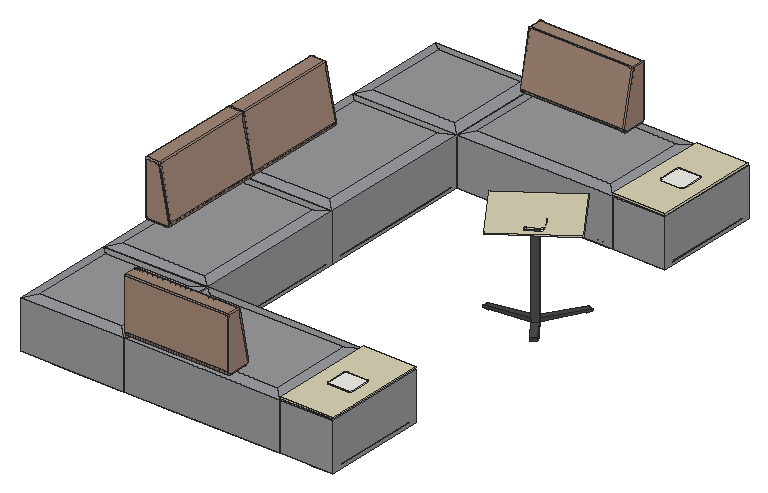
Revit family "System_Furniture-Teknion-Typical-DNA_Open_06", category Furniture Systems, Revit 2013
Parameters (values of type "DNA Open 06")
  URL = "http://teknion.com/"
  Product Page URL = "http://teknionplanningtool.com/"
  Product Line = "DNA"  # constant formula
  Model = "Open 06"  # constant formula
  Manufacturer Phone Number = "416-661-3370"  # constant formula
  Manufacturer Fax = "416.661.4586"  # constant formula
  Manufacturer Address = "1150 Flint Road, Toronto, ON. M3J 2J5. Canada"  # constant formula
  Manufacturer = "Teknion"  # constant formula
  Environmental Data = "http://www.teknion.com/about-teknion/environment/datasheets.asp"
  Description = "DNA Planning Style - Open 06"  # constant formula
  Contact Info = "http://www.teknion.com/contact/contactus.asp"
  Assembly Code = "E2020200"
  Additional Finishes = "http://www.teknion.com/fabrics-finishes/list/ff_main.html"
Reference planes (in)
  plane 1 "Center Front/Back": y = 0
  plane 2: z = 0
  plane 3 "Center Left/Right": x = 0
Dimensions and locks (in)
  aligned and locked: level to plane 2
Nested families (in)
  nested 1: "Table-Teknion-DNA_Add-On_Side_Table" at (45.50109, 52, 0), type "Add-On Side Table with Module"
    with Data Electrical Module yes
  nested 2: "Bench-Teknion-DNA_Seat_Bench_with_Bolster" at (-13, -19.5, 0) x (0, 1, 0) z (0, 0, 1), type "DNA Bench with Bolster"
    with Bolster Right yes, Bolster Location 0' - 0", Bolster Left no, Bolster Center no
  nested 3: "Table-Teknion-DNA_Laptop_Table" at (41.01352, 12.48426, 0) x (-0.8192, -0.5736, 0) z (0, 0, 1), type "DNA Freestanding Laptop"
  nested 4: "Bench-Teknion-DNA_Seat_Bench_with_Bolster" at (-13, 19.5, 0) x (0, 1, 0) z (0, 0, 1), type "DNA Bench with Bolster"
    with Bolster Right no, Bolster Location 1' - 1", Bolster Left yes, Bolster Center no
  nested 5: "Bench-Teknion-DNA_Seat_Bench_with_Bolster" at (19.50109, 52, 0), type "DNA Bench with Bolster"
    with Bolster Right no, Bolster Location 1' - 1", Bolster Left yes, Bolster Center no
  nested 6: "Bench-Teknion-DNA_Seat_Bench_with_Bolster" at (19.5, -52, 0) x (-1, 0, 0) z (0, 0, 1), type "DNA Bench with Bolster"
    with Bolster Right yes, Bolster Location 0' - 0", Bolster Left no, Bolster Center no
  nested 7: "Table-Teknion-DNA_Add-On_Side_Table" at (45.50109, -52, 0), type "Add-On Side Table with Module"
    with Data Electrical Module yes
  nested 8: "Seat-Teknion-DNA_SQ_Seat" at (-13, 52, 0), type "DNA SQ Seat - Bench"
  nested 9: "Seat-Teknion-DNA_SQ_Seat" at (-13, -52, 0), type "DNA SQ Seat - Bench"
Definition of nested family "Table-Teknion-DNA_Add-On_Side_Table"
  Parameters (values of type "Add-On Side Table with Module")
    Width = 2' - 2"  # constant formula
    Warranty = "http://www.teknion.com/legal/warranty.pdf"
    URL = "www.teknion.com"
    Surface Material = Flintwood - Teknion - FX - Flax
    Product Page URL = "http://www.teknion.com/products/seating_tables_dna/default.asp?country=us"
    Product Name = "DNA"  # constant formula
    Product Documentation Link = "http://www.teknion.com/pricing/seating/pdfs/Teknion_dna_ppg.pdf"
    Model = if(Data Electrical Module, "NDNM-D", "NDNM-N")  # "NDNM-N"
    Material = ""
    Manufacturer Phone Number = "416-661-3370"  # constant formula
    Manufacturer Fax = "416.661.4586"  # constant formula
    Manufacturer Contact Information = "http://www.teknion.com/contact/contactus.asp"
    Manufacturer Address = "1150 Flint Road, Toronto, ON. M3J 2J5. Canada"  # constant formula
    Manufacturer = "Teknion"  # constant formula
    Keynote = "125000"
    Height = 1' - 4 1/2"  # constant formula
    Frame Finish = Fabric - Teknion - S610 - Saturate Quarry
    Environmental Data = "http://www.teknion.com/about-teknion/environment/datasheets.asp"
    Description = "Add on Side Table"  # constant formula
    Depth = 1' - 1"  # constant formula
    Data Electrical Module = no
    Base Material = Paint - Teknion - 52 - Ebony
    Assembly Code = "E2020200"
  Types (2): name | Warranty | Surface Material | Manufacturer Contact Information | Frame Finish | Environmental Data | Base Material
    Add-On Side Table | "" | none | "" | none | "" | none
    Add-On Side Table with Module | "http://www.teknion.com/legal/warranty.pdf" | Flintwood - Teknion - FX - Flax | "http://www.teknion.com/contact/contactus.asp" | Fabric - Teknion - S610 - Saturate Quarry | "http://www.teknion.com/about-teknion/environment/datasheets.asp" | Paint - Teknion - 52 - Ebony
  Reference planes (in)
    plane 1 "Center (Front/Back)": y = 0
    plane 2: z = 0
    plane 3 "Center (Left/Right)": x = 0
    plane 4 "Back": y = 13
    plane 5 "Front": y = -13
    plane 6 "Left": x = -6.5
    plane 7 "Right": x = 6.5
    plane 8: y = 6.5
    plane 9: y = -6.5
    plane 10 "Top": z = 16.5
    plane 11: z = 16.125
    plane 12: z = 15.75
    plane 13: z = 4
    plane 14: z = 13
    plane 15: z = 0.5
    plane 16: x = -5.75
    plane 17: x = 5.625
    plane 18: x = -1.86286
    plane 19: x = 1.73786
  Forms (in)
    Extrusion 1, solid, material "Fabric - Teknion - S610 - Saturate Quarry" <- "Frame Finish"
      sketch origin (0, 0, 0) x (1, 0, 0) y (0, 1, 0)
        loop
          line (-6.5, 13) -> (-6.5, -13) -> (6.5, -13) -> (6.5, 13) -> (-6.5, 13)
      from 4 to 15.75
    Extrusion 2, solid, material "Paint - Teknion - 52 - Ebony" <- "Base Material"
      sketch origin (0, 0, 0) x (1, 0, 0) y (0, 1, 0)
        loop
          circle (0.00287, 6.50467) r 1
        loop
          circle (0.00287, -6.49533) r 1
      from 0 to 0.5
    SweptBlend 3, solid, material "Paint - Teknion - 52 - Ebony" <- "Base Material"
      path origin (0, 0, 0) x (0, 1, 0) y (0, 0, 1)
        loop
          line (0, 4) -> (0, 0.5)
      profile origin (0, 0, 4) x (1, 0, 0) y (0, 1, 0)
        loop
          line (-5.75, 12.125) -> (-5.75, -12.125) -> (5.625, -12.125) -> (5.625, 12.125) -> (-5.75, 12.125)
      end profile origin (0, 0, 0.5) x (1, 0, 0) y (0, 1, 0)
        loop
          line (-1.86286, 8.23786) -> (-1.86286, -8.23786) -> (1.73786, -8.23786) -> (1.73786, 8.23786) -> (-1.86286, 8.23786)
  Lines and regions (in)
    Masking region 1
      outline origin (0, 0, 0) x (1, 0, 0) y (0, 1, 0)
        loop
          line (-6.5, 13) -> (-6.5, -13) -> (6.5, -13) -> (6.5, 13) -> (-6.5, 13)
    Masking region 2, visible <- "Data Electrical Module"
      outline origin (0, 0, 0) x (1, 0, 0) y (0, 1, 0)
        loop
          line (-3.0625, 2.3125) -> (-3.0625, -2.3125)
          arc (-3.0625, -2.3125) -> (-2.84283, -2.84283) -> (-2.3125, -3.0625) r 0.75
          line (-2.3125, -3.0625) -> (2.3125, -3.0625)
          arc (2.3125, -3.0625) -> (2.84283, -2.84283) -> (3.0625, -2.3125) r 0.75
          line (3.0625, -2.3125) -> (3.0625, 2.3125)
          arc (3.0625, 2.3125) -> (2.84283, 2.84283) -> (2.3125, 3.0625) r 0.75
          line (2.3125, 3.0625) -> (-2.3125, 3.0625)
          arc (-2.3125, 3.0625) -> (-2.84283, 2.84283) -> (-3.0625, 2.3125) r 0.75
  Dimensions and locks (in)
    "Width": plane 4 "Back" to plane 5 "Front"
    "Depth": plane 6 "Left" to plane 7 "Right"
    equal spacing: plane 6 "Left", plane 3 "Center (Left/Right)", plane 7 "Right", locked at 6.5 each
    equal spacing: plane 4 "Back", plane 1 "Center (Front/Back)", plane 5 "Front", locked at 13 each
    "Height": level to plane 10 "Top"
    plane 14 to plane 10 "Top" = 0' - 3 1/2"
    plane 12 to plane 11 to plane 10 "Top" = 0' - 0 3/8" locked, 0' - 0 3/8" locked
    plane 13 to plane 15 to plane 2 = 0' - 3 1/2" locked, 0' - 0 1/2" locked
    plane 3 "Center (Left/Right)" to Extrusion 2 sketch curve to Extrusion 2 sketch curve = 0' - 1.00287" locked, 0' - 0" locked
    locked: Extrusion 2 sketch curve to plane 8 at 1.00467
    locked: Extrusion 2 sketch curve to plane 9 at 0.99533
    locked: plane 9 to plane 5 "Front" at 6.5
    locked: plane 4 "Back" to plane 8 at 6.5
    locked: plane 2 to level at 0
    Masking region 2 sketch curve to Masking region 2 sketch curve to Masking region 2 sketch curve to plane 3 "Center (Left/Right)" to Masking region 2 sketch curve to Masking region 2 sketch curve to Masking region 2 sketch curve = 0' - 0 3/4" locked, 0' - 0" locked, 0' - 2 5/16" locked, 0' - 2 5/16" locked, 0' - 0" locked, 0' - 0 3/4" locked
    Masking region 2 sketch curve to Masking region 2 sketch curve to Masking region 2 sketch curve to plane 1 "Center (Front/Back)" to Masking region 2 sketch curve to Masking region 2 sketch curve to Masking region 2 sketch curve = 0' - 0 3/4" locked, 0' - 0" locked, 0' - 2 5/16" locked, 0' - 2 5/16" locked, 0' - 0" locked, 0' - 0 3/4" locked
    aligned and locked: plane 15 to SweptBlend 3 sketch curve
    aligned and locked: plane 13 to SweptBlend 3 sketch curve
    aligned and locked: SweptBlend 3 sketch curve to plane 1 "Center (Front/Back)"
    aligned and locked: plane 18 to SweptBlend 3 sketch curve
    aligned and locked: SweptBlend 3 sketch curve to plane 19
    aligned and locked: plane 16 to SweptBlend 3 sketch curve
    aligned and locked: SweptBlend 3 sketch curve to plane 17
    aligned and locked: Extrusion 1 sketch curve to plane 7 "Right"
    aligned and locked: Extrusion 1 sketch curve to plane 4 "Back"
    aligned and locked: plane 6 "Left" to Extrusion 1 sketch curve
    aligned and locked: plane 5 "Front" to Extrusion 1 sketch curve
    aligned and locked: Extrusion 1 to plane 12
    aligned and locked: Extrusion 1 to plane 13
    aligned and locked: plane 3 "Center (Left/Right)" to nested 1
    aligned and locked: plane 1 "Center (Front/Back)" to nested 1
    aligned and locked: nested 1 to Extrusion 1
  Automatic sketch dimensions
    Masking region 1 sketch curve to plane 5 "Front" = 0' - 0"
    Masking region 1 sketch curve to plane 6 "Left" = 0' - 0"
    Masking region 1 sketch curve to plane 7 "Right" = 0' - 0"
    Masking region 1 sketch curve to plane 4 "Back" = 0' - 0"
    plane 3 "Center (Left/Right)" to Extrusion 2 sketch curve = 0' - 0.00287"  (x2)
    profile plane to SweptBlend 3 sketch curve = 0' - 8.23786"
    profile plane to SweptBlend 3 sketch curve = 1' - 0 1/8"
    SweptBlend 3 sketch curve to profile plane = 0' - 8.23786"
    SweptBlend 3 sketch curve to profile plane = 1' - 0 1/8"
  Nested families (in)
    nested 1: "DNA Side Table Top" at (0, 0, 15.125), Data Electrical Module <- "Data Electrical Module", type "Add-On Side Table"
      with No Data Electrical Module yes, Data Electrical Module no
  Definition of nested family "DNA Side Table Top"
    Parameters (values of type "Add-On Side Table")
      Width = 2' - 2"  # constant formula
      URL = ""
      Surface Material = none
      No Data Electrical Module [instance] = not(Data Electrical Module)  # no
      Model = "DNA"  # constant formula
      Manufacturer = "Teknion"  # constant formula
      Keynote = ""
      Description = ""
      Depth = 1' - 1"  # constant formula
      Data Electrical Module [instance] = yes
      Catalog = ""
      Base Material = none
      Assembly Code = ""
    Reference planes (in)
      plane 1 "Center (Front/Back)": y = 0
      plane 2: z = 1
      plane 3 "Center (Left/Right)": x = 0
      plane 4 "Back": y = 13
      plane 5 "Front": y = -13
      plane 6 "Left": x = -6.5
      plane 7 "Right": x = 6.5
      plane 8 "Top": z = 1.375
      plane 9: z = 1
      plane 10: z = 0.625
      plane 11: z = -3.125
      plane 12: y = -3
      plane 13: y = 3
      plane 14: x = -3
      plane 15: x = 3
    Forms (in)
      Extrusion 1, solid, material <- "Surface Material", visible <- "Data Electrical Module"
        sketch origin (0, 0, 1) x (1, 0, 0) y (0, 1, 0)
          loop
            line (-5.625, 12.125) -> (-5.625, -12.125) -> (5.625, -12.125) -> (5.625, 12.125) -> (-5.625, 12.125)
          loop
            line (2.25, 3) -> (-2.25, 3)
            arc (-2.25, 3) -> (-2.78033, 2.78033) -> (-3, 2.25) r 0.75
            line (-3, 2.25) -> (-3, -2.25)
            arc (-3, -2.25) -> (-2.78033, -2.78033) -> (-2.25, -3) r 0.75
            line (-2.25, -3) -> (2.25, -3)
            arc (2.25, -3) -> (2.78033, -2.78033) -> (3, -2.25) r 0.75
            line (3, -2.25) -> (3, 2.25)
            arc (3, 2.25) -> (2.78033, 2.78033) -> (2.25, 3) r 0.75
        from 0 to 0.375
      Extrusion 2, solid, material <- "Base Material", visible <- "Data Electrical Module"
        sketch origin (-15.77849, 1.19725, 1) x (1, 0, 0) y (0, 1, 0)
          loop
            arc (13.52849, 1.80275) -> (12.99816, 1.58308) -> (12.77849, 1.05275) r 0.75
            line (12.77849, 1.05275) -> (12.77849, -3.44725)
            arc (12.77849, -3.44725) -> (12.99816, -3.97758) -> (13.52849, -4.19725) r 0.75
            line (13.52849, -4.19725) -> (18.02849, -4.19725)
            arc (18.02849, -4.19725) -> (18.55882, -3.97758) -> (18.77849, -3.44725) r 0.75
            line (18.77849, -3.44725) -> (18.77849, 1.05275)
            arc (18.77849, 1.05275) -> (18.55882, 1.58308) -> (18.02849, 1.80275) r 0.75
            line (18.02849, 1.80275) -> (13.52849, 1.80275)
        from -4.125 to 0.375
      Sweep 3, solid, material <- "Surface Material", visible <- "Data Electrical Module"
        path origin (0, 0, 1) x (1, 0, 0) y (0, 1, 0)
          loop
            line (-6.5, 13) -> (-6.5, -13) -> (6.5, -13) -> (6.5, 13) -> (-6.5, 13)
        profile origin (0, 13, 1) x (0, 1, 0) y (0, 0, 1)
          loop
            line (0, 0.375) -> (-0.875, 0.375) -> (-0.875, -0.375) -> (-0.5, -0.375) -> (-0.5, 0) -> (0, 0) -> (0, 0.375)
      Sweep 4, solid, material <- "Surface Material", visible <- "No Data Electrical Module"
        path origin (0, 0, 1) x (1, 0, 0) y (0, 1, 0)
          loop
            line (-6.5, 13) -> (-6.5, -13) -> (6.5, -13) -> (6.5, 13) -> (-6.5, 13)
        profile origin (0, 13, 1) x (0, 1, 0) y (0, 0, 1)
          loop
            line (0, 0.375) -> (-0.875, 0.375) -> (-0.875, -0.375) -> (-0.5, -0.375) -> (-0.5, 0) -> (0, 0) -> (0, 0.375)
      Extrusion 5, solid, material <- "Surface Material", visible <- "No Data Electrical Module"
        sketch origin (0, 0, 1) x (1, 0, 0) y (0, 1, 0)
          loop
            line (-5.625, 12.125) -> (-5.625, -12.125) -> (5.625, -12.125) -> (5.625, 12.125) -> (-5.625, 12.125)
        from 0 to 0.375
    Cuts and joins
      joined: Extrusion 1, Sweep 3
      joined: Sweep 4, Extrusion 5
    Lines and regions (in)
      model lines, visible <- "Data Electrical Module"
        curve 1: arc (-2.875, 2.25, 1.375) -> (-2.69194, 2.69194, 1.375) -> (-2.25, 2.875, 1.375) r 0.625
        curve 2: line (-2.25, 2.875, 1.375) -> (2.25, 2.875, 1.375)
        curve 3: line (-2.875, 2.25, 1.375) -> (-2.875, -2.25, 1.375)
        curve 4: line (-2.875, 2.125, 1.375) -> (2.875, 2.125, 1.375)
        curve 5: line (-2.875, 2.0625, 1.375) -> (2.875, 2.0625, 1.375)
        curve 6: line (2.875, 2, 1.375) -> (-2.875, 2, 1.375)
        curve 7: line (-2.875, -1.75, 1.375) -> (2.875, -1.75, 1.375)
        curve 8: line (2.875, -2, 1.375) -> (-2.875, -2, 1.375)
        curve 9: arc (2.25, 2.875, 1.375) -> (2.69194, 2.69194, 1.375) -> (2.875, 2.25, 1.375) r 0.625
        curve 10: line (2.875, 2.25, 1.375) -> (2.875, -2.25, 1.375)
        curve 11: arc (2.875, -2.25, 1.375) -> (2.69194, -2.69194, 1.375) -> (2.25, -2.875, 1.375) r 0.625
        curve 12: line (2.25, -2.875, 1.375) -> (-2.25, -2.875, 1.375)
        curve 13: arc (-2.25, -2.875, 1.375) -> (-2.69194, -2.69194, 1.375) -> (-2.875, -2.25, 1.375) r 0.625
    Dimensions and locks (in)
      "Width": plane 4 "Back" to plane 5 "Front"
      "Depth": plane 6 "Left" to plane 7 "Right"
      equal spacing: plane 6 "Left", plane 3 "Center (Left/Right)", plane 7 "Right", locked at 6.5 each
      equal spacing: plane 4 "Back", plane 1 "Center (Front/Back)", plane 5 "Front", locked at 13 each
      locked: Extrusion 1 sketch curve to plane 5 "Front" at 0.875
      locked: plane 4 "Back" to Extrusion 1 sketch curve at 0.875
      locked: Extrusion 1 sketch curve to plane 7 "Right" at 0.875
      locked: plane 6 "Left" to Extrusion 1 sketch curve at 0.875
      locked: plane 2 to level at 0
      plane 8 "Top" to plane 9 to plane 10 to plane 11 = 0' - 0 3/8", 0' - 0 3/8", 0' - 3 3/4"
      equal spacing: plane 13, plane 1 "Center (Front/Back)", plane 12, locked at 3 each
      equal spacing: plane 14, plane 3 "Center (Left/Right)", plane 15, locked at 3 each
      aligned and locked: plane 8 "Top" to Extrusion 2
      aligned and locked: plane 4 "Back" to Sweep 3 sketch curve
      aligned and locked: plane 9 to cut or joined group of Extrusion 1, Sweep 3
      aligned and locked: cut or joined group of Extrusion 1, Sweep 3 to plane 8 "Top"
    Automatic sketch dimensions
      curve 13 to curve 8 = 0' - 0 1/4"
      curve 8 to curve 7 = 0' - 0 1/4"
      curve 6 to curve 9 = 0' - 0 1/4"
      curve 6 to curve 5 = 0' - 0 1/16"
      curve 5 to curve 4 = 0' - 0 1/16"
      curve 12 to Extrusion 2 = 0' - 0 3/4"
      curve 9 to curve 9 = 0' - 0 5/8"
      Sweep 3 sketch curve to plane 5 "Front" = 0' - 0"
      Sweep 3 sketch curve to plane 6 "Left" = 0' - 0"
      Sweep 3 sketch curve to plane 7 "Right" = 0' - 0"
      Sweep 3 sketch curve to plane 4 "Back" = 0' - 0"
      profile plane to Sweep 3 sketch curve = 0' - 0 1/2"
      Sweep 3 sketch curve to Sweep 3 sketch curve = 0' - 0 3/8"
      Sweep 3 sketch curve to plane 2 = 0' - 0"
      Sweep 3 sketch curve to plane 2 = 0' - 0 3/8"
      plane 2 to Sweep 3 sketch curve = 0' - 0 3/8"
      Sweep 4 sketch curve to plane 6 "Left" = 0' - 0"
      Sweep 4 sketch curve to plane 7 "Right" = 0' - 0"
      Sweep 4 sketch curve to plane 4 "Back" = 2' - 2"
      Sweep 4 sketch curve to Sweep 4 sketch curve = 2' - 2"
      Sweep 4 sketch curve to plane 2 = 0' - 0"
      Sweep 4 sketch curve to profile plane = 0' - 0"
      profile plane to Sweep 4 sketch curve = 0' - 0 1/2"
      Sweep 4 sketch curve to Sweep 4 sketch curve = 0' - 0 3/8"
      Sweep 4 sketch curve to plane 2 = 0' - 0 3/8"
      plane 2 to Sweep 4 sketch curve = 0' - 0 3/8"
      plane 6 "Left" to Extrusion 5 sketch curve = 0' - 0 7/8"
      Extrusion 5 sketch curve to plane 7 "Right" = 0' - 0 7/8"
      plane 5 "Front" to Extrusion 5 sketch curve = 0' - 0 7/8"
      Extrusion 5 sketch curve to plane 4 "Back" = 0' - 0 7/8"
      Extrusion 2 sketch curve to plane 14 = 0' - 0"
      plane 15 to Extrusion 2 sketch curve = 0' - 0 3/4"  (x2)
      Extrusion 2 sketch curve to plane 12 = 0' - 0"
      plane 14 to Extrusion 2 sketch curve = 0' - 0 3/4"  (x2)
      Extrusion 2 sketch curve to plane 13 = 0' - 0"
      Extrusion 2 sketch curve to plane 15 = 0' - 0"
      Extrusion 1 sketch curve to plane 14 = 0' - 0"
      plane 15 to Extrusion 1 sketch curve = 0' - 0 3/4"  (x2)
      Extrusion 1 sketch curve to plane 12 = 0' - 0"
      plane 14 to Extrusion 1 sketch curve = 0' - 0 3/4"  (x2)
      Extrusion 1 sketch curve to plane 13 = 0' - 0"
      Extrusion 1 sketch curve to plane 15 = 0' - 0"
      radius of curve 1 to Extrusion 2 = 0' - 0 1/8"
      radius of curve 11 to Extrusion 2 = 0' - 0 1/8"
Definition of nested family "Bench-Teknion-DNA_Seat_Bench_with_Bolster"
  Parameters (values of type "DNA Bench")
    Width = 3' - 3"
    Warranty = ""
    Seat Upholstery = Fabric - Teknion - S610 - Saturate Quarry
    URL = "www.teknion.com"
    Product Page URL = "http://www.teknion.com/products/seating_tables_dna/default.asp?text=2&country=us&product=dna&section=seating&subsection=soft"
    Product Name = "DNA"  # constant formula
    Product Documentation Link = "http://www.teknion.com/pricing/seating/pdfs/Teknion_dna_ppg.pdf"
    Model = if(Bolster, "NDNB", "NDNA")  # "NDNA"
    Material = ""
    Manufacturer Phone Number = ""
    Manufacturer Fax = ""
    Manufacturer Contact Information = ""
    Manufacturer Address = "1150 Flint Road, Toronto, ON. M3J 2J5. Canada"  # constant formula
    Manufacturer = "Teknion"  # constant formula
    Keynote = "125000"
    Height = 1' - 4 1/2"  # constant formula
    Environmental Data = ""
    Description = "Bench"  # constant formula
    Depth = 2' - 2"  # constant formula
    Bolster Upholstery = Fabric - Teknion - E504 - Fundamentals
    Bolster Right [instance] = no
    Bolster Location [instance] = if(Bolster Right, 0' 0", if(Bolster Left, 1' 1", if(Bolster Center, 0' 6 1/2", 0' 0")))  # 0' - 6 1/2"
    Bolster Left [instance] = no
    Bolster Center [instance] = yes
    Bolster = no
    Base Material = Paint - Teknion - 52 - Ebony
    Base Height = 0' - 4"
    Assembly Code = "E2020200"
  Types (3): name | Warranty | Model | Manufacturer Phone Number | Manufacturer Fax | Manufacturer Contact Information | Environmental Data | Bolster | Base Material
    (no name) | "" | "NDNA" | "" | "" | "" | "" | no | Paint - Teknion - 52 - Ebony
    DNA Bench | "" | "NDNA" | "" | "" | "" | "" | no | Paint - Teknion - 52 - Ebony
    DNA Bench with Bolster | "http://www.teknion.com/legal/warranty.pdf" | "NDNB" | "416-661-3370" | "416.661.4586" | "http://www.teknion.com/contact/contactus.asp" | "http://www.teknion.com/about-teknion/environment/datasheets.asp" | yes | none
  Reference planes (in)
    plane 1 "Center (Front/Back)": y = 0
    plane 2: z = 0
    plane 3 "Center (Left/Right)": x = 0
    plane 4: x = -19.5
    plane 5: x = 19.5
    plane 6: z = 4
    plane 7: z = 16.5
    plane 8: y = 13
    plane 9: y = -13
    plane 10: x = -6.79751
    plane 11: z = 0.5
    plane 12: x = 13
  Forms (in)
    Extrusion 1, solid, material "Paint - Teknion - 52 - Ebony" <- "Base Material"
      sketch origin (0, 0, 0) x (1, 0, 0) y (0, 1, 0)
        loop
          circle (-13, 6.5) r 1
        loop
          circle (13, 6.5) r 1
        loop
          circle (13, -6.50991) r 1
        loop
          circle (-13, -6.50991) r 1
      from 0 to 0.5
    Sweep 2, solid, material "Fabric - Teknion - S610 - Saturate Quarry" <- "Seat Upholstery"
      path origin (-44.2712, -180, 16.5) x (-1, 0, 0) y (0, -1, 0)
        loop
          line (-24.7712, -193) -> (-24.7712, -167) -> (-63.7712, -167) -> (-63.7712, -193) -> (-24.7712, -193)
      profile origin (0, 13, 16.5) x (0, 1, 0) y (0, 0, 1)
        loop
          line (-2.74891, 0) -> (-3, 0) -> (-3, -12.5) -> (0, -12.5) -> (0, -0.4998) -> (-2.74891, 0)
    Extrusion 3, solid, material "Fabric - Teknion - S610 - Saturate Quarry" <- "Seat Upholstery"
      sketch origin (0, 0, 0) x (1, 0, 0) y (0, 1, 0)
        loop
          line (-16.49778, 10) -> (-16.49778, -9.99891) -> (16.49891, -9.99891) -> (16.49891, 10) -> (-16.49778, 10)
      from 4 to 16.5
    SweptBlend 4, solid, material "Paint - Teknion - 52 - Ebony" <- "Base Material"
      path origin (0, 0, 0) x (1, 0, 0) y (0, 0, 1)
        loop
          line (0, 4) -> (0, 0.5)
      profile origin (0, 0, 4) x (0, -1, 0) y (1, 0, 0)
        loop
          line (-12.125, -18.625) -> (12.125, -18.625) -> (12.125, 18.625) -> (-12.125, 18.625) -> (-12.125, -18.625)
      end profile origin (0, 0, 0.5) x (0, -1, 0) y (1, 0, 0)
        loop
          line (-8.25, -14.75) -> (8.25991, -14.75) -> (8.25991, 14.75) -> (-8.25, 14.75) -> (-8.25, -14.75)
  Cuts and joins
    joined: Sweep 2, Extrusion 3
  Lines and regions (in)
    Masking region 1
      outline origin (0, 0, 0) x (1, 0, 0) y (0, 1, 0)
        loop
          line (-19.5, 13) -> (-19.5, -13) -> (19.5, -13) -> (19.5, 13) -> (-19.5, 13)
    Masking region 2, visible <- "Bolster"
      outline origin (0, 0, 0) x (1, 0, 0) y (0, 1, 0)
        loop
          line (-13, 12.75139) -> (-13, 6.96199) -> (13, 6.96199) -> (13, 12.75139) -> (-13, 12.75139)
  Dimensions and locks (in)
    equal spacing: plane 4, plane 3 "Center (Left/Right)", plane 5
    "Width": plane 4 to plane 5
    "Height": plane 7 to level
    equal spacing: plane 8, plane 1 "Center (Front/Back)", plane 9, locked at 13 each
    "Depth": plane 8 to plane 9
    plane 6 to plane 11 to plane 2 = 0' - 3 1/2" locked, 0' - 0 1/2" locked
    locked: plane 7 to Sweep 2 sketch curve at 0.4998
    plane 8 to Sweep 2 sketch curve to Sweep 2 sketch curve = 0' - 2.74891" locked, 0' - 0.25109" locked
    locked: Extrusion 3 sketch curve to plane 5 at 3.00109
    locked: plane 4 to Extrusion 3 sketch curve at 3.00222
    locked: plane 8 to Extrusion 3 sketch curve at 3
    locked: Extrusion 3 sketch curve to plane 9 at 3.00109
    Extrusion 1 sketch curve to Extrusion 1 sketch curve to plane 3 "Center (Left/Right)" to Extrusion 1 sketch curve to Extrusion 1 sketch curve = 0' - 0" locked, 1' - 1" locked, 1' - 1" locked, 0' - 0" locked
    Extrusion 1 sketch curve to Extrusion 1 sketch curve to plane 1 "Center (Front/Back)" to Extrusion 1 sketch curve to Extrusion 1 sketch curve = 0' - 0" locked, 0' - 6.50991" locked, 0' - 6 1/2" locked, 0' - 0" locked
    locked: SweptBlend 4 sketch curve to plane 9 at 0.875
    locked: plane 8 to SweptBlend 4 sketch curve at 0.875
    locked: plane 8 to SweptBlend 4 sketch curve at 4.75
    locked: SweptBlend 4 sketch curve to plane 9 at 4.74009
    "Bolster Location": plane 5 to plane 12
    plane 8 to Masking region 2 sketch curve to Masking region 2 sketch curve = 0' - 0.24861" locked, 0' - 5.78939" locked
    locked: Masking region 2 sketch curve to plane 12 at 26
    aligned and locked: plane 8 to Sweep 2 sketch curve
    aligned and locked: Sweep 2 sketch curve to plane 6
    aligned and locked: plane 7 to Extrusion 3
    aligned and locked: Extrusion 3 to plane 6
    aligned and locked: Extrusion 1 to plane 11
    aligned and locked: Extrusion 1 to plane 2
    aligned and locked: plane 11 to SweptBlend 4 sketch curve
    aligned and locked: plane 6 to SweptBlend 4 sketch curve
    aligned and locked: Masking region 1 sketch curve to cut or joined group of Sweep 2, Extrusion 3  (x4)
    aligned and locked: plane 7 to nested 1
    aligned and locked: nested 1 to plane 8
    aligned and locked: nested 1 to plane 12
    aligned and locked: Sweep 2 sketch curve to plane 5
    aligned and locked: plane 4 to Sweep 2 sketch curve
    aligned and locked: Sweep 2 sketch curve to plane 8
    aligned and locked: plane 9 to Sweep 2 sketch curve
    aligned and locked: SweptBlend 4 sketch curve to plane 3 "Center (Left/Right)"
    aligned and locked: plane 12 to Masking region 2 sketch curve
  Automatic sketch dimensions
    Sweep 2 sketch curve to plane 7 = 0' - 0"
    SweptBlend 4 sketch curve to profile plane = 1' - 6 5/8"
    SweptBlend 4 sketch curve to profile plane = 1' - 2 3/4"
    profile plane to SweptBlend 4 sketch curve = 1' - 6 5/8"
    profile plane to SweptBlend 4 sketch curve = 1' - 2 3/4"
    radius of Extrusion 1 sketch curve = 0' - 1"  (x4)
  Nested families (in)
    nested 1: "DNA Bolster" at (0, 13, 16.5), Bolster <- "Bolster", type "Bolster"
      with Bolster no
Definition of nested family "Table-Teknion-DNA_Laptop_Table"
  Parameters (values of type "DNA Freestanding Laptop")
    Width = 1' - 7.68504"
    Warranty = "http://www.teknion.com/legal/warranty.pdf"
    URL = "www.teknion.com"
    Type Comments = "DNA Table"
    Table Top Material = Flintwood - Teknion - FX - Flax
    Product Page URL = "http://www.teknion.com/products/seating_tables_dna/default.asp?text=3&country=us&product=dna&section=tables&subsection=casual"
    Product Name = "DNA"
    Product Documentation Link = "http://www.teknion.com/products/brochures/dna_ENG.pdf"
    Model = "NDNL"
    Material = ""
    Manufacturer Phone Number = "416-661-3370"  # constant formula
    Manufacturer Fax = "416.661.4586"  # constant formula
    Manufacturer Contact Information = "http://www.teknion.com/contact/contactus.asp"
    Manufacturer Address = "1150 Flint Road, Toronto, ON. M3J 2J5. Canada"  # constant formula
    Manufacturer = "Teknion"  # constant formula
    Keynote = "125000"
    Height = 2' - 0.34325"
    Foot Finish = Paint - Teknion - 52 - Ebony
    Environmental Data = "http://www.teknion.com/about-teknion/environment/datasheets.asp"
    Description = "DNA Freestanding Laptop"  # constant formula
    Depth = 1' - 4 125/256"
    Assembly Code = "E2020200"
  Reference planes (in)
    plane 1 "Center (Front/Back)": y = 0
    plane 2: z = 0
    plane 3 "Center (Left/Right)": x = 0
    plane 4: x = -9.84252
    plane 5: x = 9.84252
    plane 6 "Back": y = 8.24414
    plane 7 "Front": y = -8.24414
    plane 8: y = 7.10241
    plane 9: y = 5.44887
    plane 10: x = -2.01756
    plane 11 "Top": z = 24.33158
    plane 12: z = 23.63913
    plane 13: z = 23.95658
  Lines and regions (in)
    Masking region 1
      outline origin (0, 0, -0.01167) x (1, 0, 0) y (0, 1, 0)
        loop
          line (-9.84252, 8.24414) -> (-9.84252, -8.24414) -> (9.84252, -8.24414) -> (9.84252, 8.24414) -> (-9.84252, 8.24414)
        loop
          arc (-1.72819, 7.10241) -> (-1.93281, 7.01765) -> (-2.01756, 6.81304) r 0.28937
          line (-2.01756, 6.81304) -> (-2.01756, 5.73824)
          arc (-2.01756, 5.73824) -> (-1.9328, 5.53362) -> (-1.72819, 5.44887) r 0.28937
          line (-1.72819, 5.44887) -> (1.70882, 5.44887)
          arc (1.70882, 5.44887) -> (1.91343, 5.53362) -> (1.99819, 5.73824) r 0.28937
          line (1.99819, 5.73824) -> (1.99819, 6.81304)
          arc (1.99819, 6.81304) -> (1.91343, 7.01765) -> (1.70882, 7.10241) r 0.28937
          line (1.70882, 7.10241) -> (-1.72819, 7.10241)
    Masking region 2, detail levels fine
      outline origin (0, 0, -0.01167) x (1, 0, 0) y (0, 1, 0)
        loop
          line (-9.84252, -4.51686) -> (-10.74523, -5.28054) -> (-9.84252, -6.34759) -> (-9.84252, -4.51686)
        loop
          line (9.84252, -4.51686) -> (9.84252, -6.34759) -> (10.74523, -5.28054) -> (9.84252, -4.51686)
  Dimensions and locks (in)
    "Width": plane 4 to plane 5
    equal spacing: plane 4, plane 3 "Center (Left/Right)", plane 5, locked at 9.84252 each
    "Depth": plane 6 "Back" to plane 7 "Front"
    equal spacing: plane 6 "Back", plane 1 "Center (Front/Back)", plane 7 "Front", locked at 8.24414 each
    locked: plane 6 "Back" to plane 8 at 1.14173
    locked: plane 8 to plane 9 at 1.65354
    locked: plane 4 to plane 10 at 7.82496
    "Height": plane 11 "Top" to level
    locked: plane 11 "Top" to plane 13 at 0.375
    locked: plane 13 to plane 12 at 0.31745
    aligned: plane 1 "Center (Front/Back)" to nested 1
    aligned and locked: plane 3 "Center (Left/Right)" to nested 1
    aligned and locked: plane 4 to nested 1
    aligned and locked: plane 5 to nested 1
    aligned and locked: plane 6 "Back" to nested 1
    aligned: plane 7 "Front" to nested 1
    aligned and locked: plane 8 to nested 1
    aligned and locked: plane 10 to nested 1
    aligned and locked: plane 11 "Top" to nested 1
    aligned and locked: nested 2 to nested 1
    aligned and locked: nested 1 to nested 2
    aligned and locked: nested 2 to plane 2
    aligned and locked: nested 1 to plane 11 "Top"
    aligned and locked: plane 12 to nested 2
    aligned and locked: plane 13 to nested 1
  Automatic sketch dimensions
    Masking region 1 sketch curve to plane 4 = 0' - 0"
    Masking region 1 sketch curve to plane 5 = 0' - 0"
    Masking region 1 sketch curve to plane 7 "Front" = 0' - 0"
    Masking region 1 sketch curve to plane 6 "Back" = 0' - 0"
    Masking region 1 sketch curve to plane 10 = 0' - 0"
    Masking region 1 sketch curve to plane 8 = 0' - 0"
    Masking region 1 sketch curve to Masking region 1 sketch curve = 0' - 0.28937"  (x2)
    plane 3 "Center (Left/Right)" to Masking region 1 sketch curve = 0' - 1.70882"
    plane 9 to Masking region 1 sketch curve = 0' - 0.28937"
    Masking region 1 sketch curve to plane 9 = 0' - 0"
    Masking region 1 sketch curve to Masking region 1 sketch curve = 0' - 0"
    Masking region 2 sketch curve to plane 4 = 0' - 0"
    Masking region 2 sketch curve to plane 5 = 0' - 0"
    Masking region 2 sketch curve to plane 4 = 0' - 0.90271"
    plane 5 to Masking region 2 sketch curve = 0' - 0.90271"
    plane 1 "Center (Front/Back)" to Masking region 2 sketch curve = 0' - 4.51686"  (x2)
    Masking region 2 sketch curve to Masking region 2 sketch curve = 0' - 0.76368"  (x2)
  Nested families (in)
    nested 1: "DNA Laptop Table - Top" at (0, -0.04715, 0.00583), Table Top Finish <- "Table Top Material", type "DNA Laptop Table - Top"
      with Table Top Finish Flintwood - Teknion - FX - Flax
    nested 2: "DNA Laptop Table - Legs" at (0, -0.04715, 0.00583), Post <- "Foot Finish", type "DNA Laptop Table - Legs"
      with Post Paint - Teknion - 52 - Ebony
  Definition of nested family "DNA Laptop Table - Top"
    Parameters (values of type "DNA Laptop Table - Top")
      Table Top Finish [instance] = none
      Assembly Code = ""
    Reference planes (in)
      plane 1 "Center (Front/Back)": y = 0
      plane 2: z = 0
      plane 3 "Center (Left/Right)": x = 0
    Forms (in)
      Extrusion 1, solid, material <- "Table Top Finish"
        sketch origin (-0.00969, 0, 0) x (1, 0, 0) y (0, 1, 0)
          loop
            arc (-9.63598, 8.29129) -> (-9.77518, 8.23364) -> (-9.83283, 8.09444) r 0.19685
            line (-9.83283, 8.09444) -> (-9.83283, -8.04729)
            arc (-9.83283, -8.04729) -> (-9.77518, -8.18649) -> (-9.63598, -8.24414) r 0.19685
            line (-9.63598, -8.24414) -> (9.65563, -8.24414)
            arc (9.65563, -8.24414) -> (9.79463, -8.18657) -> (9.85221, -8.04757) r 0.19658
            line (9.85221, -8.04757) -> (9.85221, 8.09561)
            arc (9.85221, 8.09561) -> (9.79489, 8.23398) -> (9.65653, 8.29129) r 0.19568
            line (9.65653, 8.29129) -> (-9.63598, 8.29129)
          loop
            arc (-1.7185, 7.14956) -> (-1.92312, 7.0648) -> (-2.00787, 6.86019) r 0.28937
            line (-2.00787, 6.86019) -> (-2.00787, 5.78539)
            arc (-2.00787, 5.78539) -> (-1.92312, 5.58077) -> (-1.7185, 5.49602) r 0.28937
            line (-1.7185, 5.49602) -> (1.7185, 5.49602)
            arc (1.7185, 5.49602) -> (1.92312, 5.58077) -> (2.00787, 5.78539) r 0.28937
            line (2.00787, 5.78539) -> (2.00787, 6.86019)
            arc (2.00787, 6.86019) -> (1.92312, 7.0648) -> (1.7185, 7.14956) r 0.28937
            line (1.7185, 7.14956) -> (-1.7185, 7.14956)
        from 23.95075 to 24.32575
  Definition of nested family "DNA Laptop Table - Legs"
    Parameters (values of type "DNA Laptop Table - Legs")
      Post [instance] = none
      Assembly Code = ""
    Reference planes (in)
      plane 1 "Center (Front/Back)": y = 0
      plane 2: z = 0
      plane 3 "Center (Left/Right)": x = 0
      plane 4 "Legs Parallel": through (6.72118, -0.49407, 48) normal (0.6459, 0.7634, 0)
      plane 5 "Legs Perp": through (13.10352, -5.93494, 48) normal (-0.766, 0.6428, 0)
    Forms (in)
      Extrusion 1, solid, material <- "Post"
        sketch origin (0, 0, 21.44636) x (-1, 0, 0) y (0, -1, 0)
          loop
            line (2.17556, -4.46095) -> (2.17557, -0.10964) -> (-2.17246, -0.10964) -> (-2.17245, -4.46093) -> (2.17556, -4.46095)
        from 2.18693 to 2.50438
      Extrusion 2, solid, material <- "Post"
        sketch origin (0, 0, 21.44636) x (-1, 0, 0) y (0, -1, 0)
          loop
            line (0.81174, -3.07019) -> (0.03947, -1.73258)
            arc (0.03947, -1.73258) -> (0.00631, -1.71343) -> (-0.02685, -1.73258) r 0.03829
            line (-0.02685, -1.73258) -> (-0.81246, -3.09328) -> (-0.81246, -3.16544) -> (0.81174, -3.16544) -> (0.81174, -3.07019)
        from -19.64277 to 2.18693
      Extrusion 3, solid, material <- "Post"
        sketch origin (-2.5601, 3.02616, 0) x (0.763448, 0.645869, 0) y (0, 0, -1)
          loop
            line (1.36322, -2.63705) -> (1.36322, -1.79508) -> (-10.00274, -0.22235) -> (-10.0147, 0.00583) -> (-11.58351, 0.00583) -> (-11.58351, -0.38567)
            arc (-11.58351, -0.38567) -> (-11.56217, -0.42041) -> (-11.52551, -0.43824) r 0.07284
            line (-11.52551, -0.43824) -> (1.36322, -2.63705)
        from -2.60077 to -1.01922
      Extrusion 4, solid, material <- "Post"
        sketch origin (0, 0, 0) x (0, 1, 0) y (0, 0, 1)
          loop
            line (1.71019, 1.66224) -> (1.71019, 1.4681) -> (6.15639, 0.32872) -> (6.15639, -0.00583) -> (7.46558, -0.00583)
            arc (7.46558, -0.00583) -> (7.4906, -0.00437) -> (7.51528, 0) r 0.21459
            line (7.51528, 0) -> (7.51528, 0.52619)
            arc (7.51528, 0.52619) -> (7.49969, 0.57321) -> (7.4591, 0.6016) r 0.0787
            line (7.4591, 0.6016) -> (2.90659, 1.96119) -> (1.71019, 1.66224)
        from -0.8141 to 0.81246
      Extrusion 5, solid, material <- "Post"
        sketch origin (2.5601, 3.02616, 0) x (-0.763448, 0.645869, 0) y (0, 0, 1)
          loop
            line (1.33078, 2.63152) -> (-11.52551, 0.43824)
            arc (-11.52551, 0.43824) -> (-11.56217, 0.42041) -> (-11.58351, 0.38567) r 0.07284
            line (-11.58351, 0.38567) -> (-11.58351, -0.00583) -> (-10.0147, -0.00583) -> (-10.00274, 0.22235) -> (1.33078, 1.7906) -> (1.33078, 2.63152)
        from -2.60077 to -1.01922
    Cuts and joins
      joined: Extrusion 1, Extrusion 2
    Dimensions and locks (in)
      aligned and locked: cut or joined group of Extrusion 1, Extrusion 2 to Extrusion 4
Definition of nested family "Seat-Teknion-DNA_SQ_Seat"
  Parameters (values of type "DNA SQ Seat - Bench")
    Width = 2' - 2"
    Warranty = "http://www.teknion.com/legal/warranty.pdf"
    URL = "www.teknion.com"
    Seat Material = Fabric - Teknion - S610 - Saturate Quarry
    Product Page URL = "http://www.teknion.com/products/seating_tables_dna/default.asp?text=2&country=us&product=dna&section=seating&subsection=soft"
    Product Name = "DNA"  # constant formula
    Product Documentation Link = "http://www.teknion.com/products/brochures/dna_ENG.pdf"
    Model = "NDNS"
    Material = ""
    Manufacturer Phone Number = "416-661-3370"  # constant formula
    Manufacturer Fax = "416.661.4586"  # constant formula
    Manufacturer Contact Information = "http://www.teknion.com/contact/contactus.asp"
    Manufacturer Address = "1150 Flint Road, Toronto, ON. M3J 2J5. Canada"  # constant formula
    Manufacturer = "Teknion"  # constant formula
    Keynote = "125000"
    Height = 1' - 4 1/2"  # constant formula
    Environmental Data = "http://www.teknion.com/legal/warranty.pdf"
    Description = "DNA SQ Seat - Bench"  # constant formula
    Depth = 2' - 2"  # constant formula
    Base Material = Paint - Teknion - 52 - Ebony
    Base Height = 0' - 4"
    Assembly Code = "E2020200"
  Reference planes (in)
    plane 1 "Center (Front/Back)": y = 0
    plane 2: z = 0
    plane 3 "Center (Left/Right)": x = 0
    plane 4 "Left": x = -13
    plane 5 "Right": x = 13
    plane 6: z = 4
    plane 7 "Top": z = 16.5
    plane 8 "Back": y = 13
    plane 9 "Front": y = -13
  Forms (in)
    Extrusion 1, solid, material "Fabric - Teknion - S610 - Saturate Quarry" <- "Seat Material"
      sketch origin (-6.48682, -1.03944, 4.54207) x (0, 1, 0) y (0, 0, 1)
        loop
          line (14.03944, -0.54207) -> (14.03944, 11.45793) -> (-11.96056, 11.45793) -> (-11.96056, -0.54207) -> (14.03944, -0.54207)
      from -6.51318 to 19.48682
    Extrusion 2, solid, material "Fabric - Teknion - S610 - Saturate Quarry" <- "Seat Material"
      sketch origin (0, 0.24147, 0.0004) x (0, 1, 0) y (0, 0, 1)
        loop
          line (12.75853, 16) -> (10.00853, 16.5) -> (-10.49147, 16.5) -> (-13.24147, 16) -> (12.75853, 16)
      from -13 to 13
    Extrusion 3, void
      sketch origin (12, 0, 0) x (1, 0, 0) y (0, 0, 1)
        loop
          line (-1.75, 16.5) -> (1, 16) -> (1, 16.5) -> (-1.75, 16.5)
      from -13 to 13
    Extrusion 4, void
      sketch origin (-13.0795, 0, 0) x (1, 0, 0) y (0, 0, 1)
        loop
          line (0.0795, 16) -> (2.8295, 16.5) -> (0.0795, 16.5) -> (0.0795, 16)
      from -13 to 13
    Extrusion 5, solid, material "Paint - Teknion - 52 - Ebony" <- "Base Material"
      sketch origin (0, 0, 0) x (1, 0, 0) y (0, 1, 0)
        loop
          circle (-6.5, 6.5) r 1
        loop
          circle (6.5, 6.5) r 1
        loop
          circle (6.5, -6.50991) r 1
        loop
          circle (-6.5, -6.50991) r 1
      from 0 to 0.5
    Blend 6, solid, material "Paint - Teknion - 52 - Ebony" <- "Base Material"
      base sketch origin (0, 0, 0) x (1, 0, 0) y (0, 1, 0)
        loop
          line (-8.25, 8.25) -> (-8.25, -8.25991) -> (8.25, -8.25991) -> (8.25, 8.25) -> (-8.25, 8.25)
      top sketch origin (0, 0, 0) x (1, 0, 0) y (0, 1, 0)
        loop
          line (-12.125, 12.125) -> (-12.125, -12.125) -> (12.125, -12.125) -> (12.125, 12.125) -> (-12.125, 12.125)
      from 0.5 to 4
  Cuts and joins
    Extrusion 3, Extrusion 4 cuts Extrusion 1
    Extrusion 3, Extrusion 4 cuts Extrusion 2
    joined: Extrusion 1, Extrusion 2
  Lines and regions (in)
    Masking region 1
      outline origin (0, 0, 0) x (1, 0, 0) y (0, 1, 0)
        loop
          line (-13, 13) -> (-13, -13.00109) -> (12.99887, -13.00109) -> (12.99887, 13) -> (-13, 13)
    symbolic lines, detail levels fine
      curve 1: line (-12.99887, 13.00109, 0) -> (-10.24778, 10.25, 0)
      curve 2: line (10.24778, 10.25, 0) -> (12.99887, 13.00109, 0)
      curve 3: line (-10.24778, -10.25, 0) -> (-12.99887, -13.00109, 0)
      curve 4: line (12.99887, -13.00109, 0) -> (10.24778, -10.25, 0)
    symbolic lines, detail levels medium+fine
      curve 5: line (-10.24778, 10.25, 0) -> (10.24778, 10.25, 0)
      curve 6: line (-10.24778, -10.25, 0) -> (-10.24778, 10.25, 0)
      curve 7: line (10.24778, -10.25, 0) -> (-10.24778, -10.25, 0)
      curve 8: line (10.24778, 10.25, 0) -> (10.24778, -10.25, 0)
  Dimensions and locks (in)
    equal spacing: plane 4 "Left", plane 3 "Center (Left/Right)", plane 5 "Right"
    "Width": plane 4 "Left" to plane 5 "Right"
    "Base Height": plane 6 to level
    "Height": plane 7 "Top" to level
    equal spacing: plane 8 "Back", plane 1 "Center (Front/Back)", plane 9 "Front"
    "Depth": plane 8 "Back" to plane 9 "Front"
    locked: plane 8 "Back" to Blend 6 sketch curve at 4.75
    locked: Blend 6 sketch curve to plane 9 "Front" at 4.74009
    locked: plane 4 "Left" to Blend 6 sketch curve at 4.75
    locked: Blend 6 sketch curve to plane 5 "Right" at 4.75
    locked: plane 8 "Back" to Blend 6 sketch curve at 0.875
    locked: Blend 6 sketch curve to plane 9 "Front" at 0.875
    locked: plane 4 "Left" to Blend 6 sketch curve at 0.875
    locked: Blend 6 sketch curve to plane 5 "Right" at 0.875
    locked: Blend 6 to Extrusion 5 sketch curve at 1.75  (x2)
    locked: Extrusion 5 sketch curve to Blend 6 at 1.75  (x6)
    plane 6 to Extrusion 1 sketch curve = 1' - 0"
    cut or joined group of Extrusion 1, Extrusion 2, Extrusion 3, Extrusion 4 to plane 1 "Center (Front/Back)" = 1' - 1"
    plane 1 "Center (Front/Back)" to cut or joined group of Extrusion 1, Extrusion 2, Extrusion 3, Extrusion 4 = 1' - 1"
    Extrusion 1 sketch curve to plane 1 "Center (Front/Back)" to Extrusion 1 sketch curve = 1' - 1" locked, 1' - 1" locked  (x2)
    locked: Extrusion 1 sketch curve to plane 6 at 12
    Extrusion 2 sketch curve to plane 1 "Center (Front/Back)" to Extrusion 2 sketch curve = 1' - 1" locked, 1' - 1" locked
    Extrusion 2 sketch curve to Extrusion 2 sketch curve to plane 6 = 0' - 0 1/2" locked, 1' - 0.0004" locked
    plane 6 to Extrusion 3 sketch curve to Extrusion 3 sketch curve to Extrusion 3 sketch curve = 1' - 0" locked, 0' - 0 1/2" locked, 0' - 0" locked
    locked: Extrusion 3 sketch curve to plane 3 "Center (Left/Right)" at 13
    plane 6 to Extrusion 4 sketch curve to Extrusion 4 sketch curve to Extrusion 4 sketch curve = 1' - 0" locked, 0' - 0 1/2" locked, 0' - 0" locked
    locked: plane 3 "Center (Left/Right)" to Extrusion 4 sketch curve at 13
    plane 6 to Extrusion 4 sketch curve = 1' - 0 1/2"
    aligned and locked: Extrusion 1 to plane 4 "Left"
    aligned and locked: plane 5 "Right" to Extrusion 1
    aligned and locked: plane 5 "Right" to cut or joined group of Extrusion 1, Extrusion 2, Extrusion 3, Extrusion 4
    aligned and locked: Extrusion 2 to Extrusion 1
    aligned and locked: Extrusion 1 to plane 9 "Front"
    aligned and locked: plane 8 "Back" to Extrusion 1
    aligned and locked: Extrusion 1 to Extrusion 3  (x2)
    aligned and locked: Extrusion 4 to Extrusion 1
    aligned and locked: Extrusion 1 to Extrusion 4
  Automatic sketch dimensions
    Extrusion 2 sketch curve to Extrusion 2 sketch curve = 0' - 2 3/4"  (x2)
    Extrusion 3 sketch curve to Extrusion 3 sketch curve = 0' - 2 3/4"
    Extrusion 4 sketch curve to Extrusion 4 sketch curve = 0' - 2 3/4"
    Extrusion 1 sketch curve to plane 6 = 0' - 0"
    Masking region 1 sketch curve to plane 4 "Left" = 0' - 0"
    Masking region 1 sketch curve to plane 8 "Back" = 0' - 0"
    Masking region 1 sketch curve to plane 5 "Right" = 0' - 0.00113"
    Masking region 1 sketch curve to plane 9 "Front" = 0' - 0.00109"
    plane 4 "Left" to curve 3 = 0' - 2.75222"
    plane 4 "Left" to curve 3 = 0' - 0.00113"
    plane 4 "Left" to curve 1 = 0' - 0.00113"
    curve 5 to plane 5 "Right" = 0' - 2.75222"
    curve 4 to plane 5 "Right" = 0' - 0.00113"
    curve 2 to plane 5 "Right" = 0' - 0.00113"
    plane 9 "Front" to curve 3 = 0' - 2 3/4"
    curve 4 to plane 9 "Front" = 0' - 0.00109"
    curve 3 to plane 9 "Front" = 0' - 0.00109"
    curve 5 to plane 8 "Back" = 0' - 2 3/4"
    plane 8 "Back" to curve 2 = 0' - 0.00109"
    plane 8 "Back" to curve 1 = 0' - 0.00109"
    radius of Extrusion 5 sketch curve = 0' - 1"  (x4)
